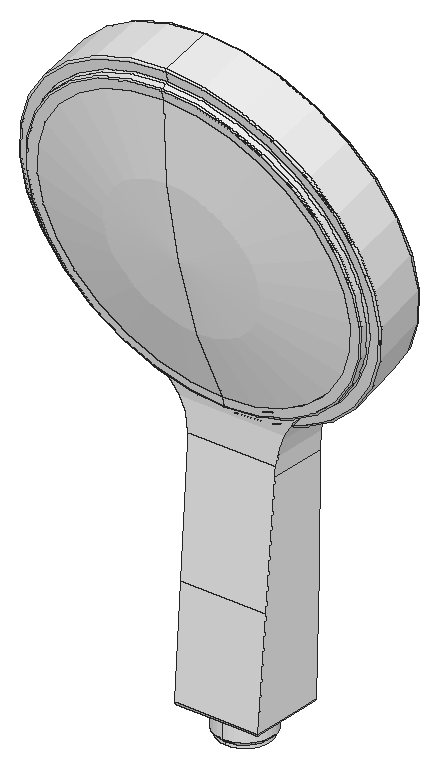
Revit family "Hand_Shower-Grohe-Power&Soul_Cosmopolitan_130-27664_Series", category Plumbing Fixtures, Revit 2014
Parameters (values of type "27664000")
  cUPC Compliant = yes
  Waste Connection = no
  Warranty Documentation Link = "https://cdn.cloud.grohe.com/tpi/1000/1900/1940/1949/1949006/original/1949006.pdf"
  WFU = 4  # constant formula
  Vent Connection = no
  URL = "https://www.grohe.us/"
  Tempered Connection Radius = Tempered Connection Diameter / 2  # 1/4"
  Tempered Connection Diameter = Hot Water Connection Diameter  # 1/2"
  Product Page URL = "https://www.grohe.us/en_us/power-soul-cosmopolitan-hand-shower-27664000.html"
  Price = "Prices may vary. Please consult Manufacturer Representative for most up-to-date price list."  # constant formula
  Model = "27664000"
  Material = "Metal-Grohe-000-Chrome"
  Manufacturer = "Grohe"
  Hot Water Connection Radius = Hot Water Connection Diameter / 2  # 1/4"
  Hot Water Connection Diameter = Cold Water Connection Diameter  # 1/2"
  Height = 6 15/16"  # constant formula
  HWFU = 3  # constant formula
  HW Connection = yes
  Flow Rate = "2.0 gpm (7.6 L/min)"
  Finish = Metal-Grohe-000-Chrome
  Description = "Power&Soul® Cosmopolitan 130"  # constant formula
  Default Elevation = 0"
  Creation Date = "03/03/2017"  # constant formula
  Cold Water Connection Radius = Cold Water Connection Diameter / 2  # 1/4"
  Cold Water Connection Diameter = 1/2"  # constant formula
  CalGreen Compliant = yes
  CWFU = 3  # constant formula
  CW Connection = yes
  Assembly Code = "D2010710"
Types (3): name | Product Page URL | Model | Material | Finish | Assembly Code
  (no name) | "https://www.grohe.us/en_us/power-soul-cosmopolitan-hand-shower-27664000.html" | "27664000" | "Metal-Grohe-000-Chrome" | Metal-Grohe-000-Chrome | "D2010710"
  27664000 | "https://www.grohe.us/en_us/power-soul-cosmopolitan-hand-shower-27664000.html" | "27664000" | "Metal-Grohe-000-Chrome" | Metal-Grohe-000-Chrome | "D2010710"
  27664EN0 | "https://www.grohe.us/en_us/power-soul-cosmopolitan-130-hand-shower-27664EN0.html" | "27664EN0" | "Metal-Grohe-EN0-Brushed Nickel" | Metal-Grohe-EN0-Brushed Nickel | "D2020300"
Reference planes (in)
  plane 1 "Center (Front/Back)": y = 0
  plane 2: z = 0
  plane 3 "Center (Left/Right)": x = 0
  plane 4: x = -0.07874
  plane 5: x = 0.07874
  plane 6: z = 6.92913
  plane 7: y = -1.25984
  plane 8: z = 0.39377
  plane 9: z = 6.40921
  plane 10: z = 4.84255
Forms (in)
  Revolve 1, solid, material "Metal-Grohe-000-Chrome" <- "Finish"
    sketch origin (0, 0, 0) x (0, 0.970296, 0.241922) y (0, -0.241922, 0.970296)
      loop
        arc (0.88493, 9.58765) -> (0.8658, 9.58034) -> (0.85769, 9.56154) r 0.02632
        line (0.85769, 9.56154) -> (0.85662, 9.41582)
        arc (0.85662, 9.41582) -> (0.85049, 9.40088) -> (0.83573, 9.39434) r 0.02165
        line (0.83573, 9.39434) -> (0.75332, 9.39146)
        arc (0.75332, 9.39146) -> (0.73919, 9.38517) -> (0.73339, 9.37083) r 0.02065
        line (0.73339, 9.37083) -> (0.73339, 9.22798)
        arc (0.73339, 9.22798) -> (0.52097, 8.08752) -> (0.4586, 6.92913) r 8.90515
        line (0.4586, 6.92913) -> (1.83249, 6.92913)
        arc (1.83249, 6.92913) -> (1.78652, 8.23685) -> (1.64434, 9.53763) r 17.751
        arc (1.64434, 9.53763) -> (1.6351, 9.5548) -> (1.61701, 9.56208) r 0.02863
        line (1.61701, 9.56208) -> (0.88493, 9.58765)
      axis (1.83249, 6.92913) -> (0.4586, 6.92913)
    angle from 0 to 360
  Extrusion 2, solid, material "Metal-Grohe-000-Chrome" <- "Finish"
    sketch origin (0, 0, 0) x (1, 0, 0) y (0, 0, 1)
      loop
        line (-0.64527, 3.7607) -> (-0.61971, 0.42917)
        arc (-0.61971, 0.42917) -> (-0.60917, 0.40413) -> (-0.58404, 0.39377) r 0.03567
        line (-0.58404, 0.39377) -> (0.58404, 0.39377)
        arc (0.58404, 0.39377) -> (0.60917, 0.40413) -> (0.61971, 0.42917) r 0.03567
        line (0.61971, 0.42917) -> (0.64527, 3.7607)
        arc (0.64527, 3.7607) -> (0.88797, 4.51248) -> (1.51717, 4.99016) r 1.31706
        line (1.51717, 4.99016) -> (1.51717, 5.16409) -> (-1.51717, 5.16409) -> (-1.51717, 4.99016)
        arc (-1.51717, 4.99016) -> (-0.88797, 4.51248) -> (-0.64527, 3.7607) r 1.31706
    from -0.82057 to 0.689
  Extrusion 3, void
    sketch origin (0, 0, 0) x (0, 1, 0) y (0, 0, 1)
      loop
        arc (0.54276, 4.57104) -> (0.59385, 3.36285) -> (0.57808, 2.15368) r 21.86519
        arc (0.57808, 2.15368) -> (0.54977, 1.26628) -> (0.53711, 0.37853) r 50.35012
        arc (0.53711, 0.37853) -> (0.52314, 0.34613) -> (0.49011, 0.33369) r 0.04512
        line (0.49011, 0.33369) -> (0.49011, 0.2934) -> (0.91516, 0.2934) -> (0.91516, 5.23984) -> (0.0817, 5.23984)
        arc (0.0817, 5.23984) -> (0.32061, 4.95559) -> (0.52134, 4.64321) r 2.90725
        arc (0.52134, 4.64321) -> (0.53601, 4.6083) -> (0.54276, 4.57104) r 0.17353
      loop
        arc (-0.31741, 4.77737) -> (-0.32837, 4.82588) -> (-0.33476, 4.8752) r 0.53221
        arc (-0.33476, 4.8752) -> (-0.35792, 5.05887) -> (-0.39686, 5.23984) r 2.13913
        line (-0.39686, 5.23984) -> (-0.96238, 5.23984) -> (-0.96238, 0.33638) -> (-0.48952, 0.33638) -> (-0.48952, 0.38453)
        arc (-0.48952, 0.38453) -> (-0.52403, 0.40021) -> (-0.53602, 0.43618) r 0.04742
        arc (-0.53602, 0.43618) -> (-0.46927, 1.21402) -> (-0.40861, 1.99235) r 99.87804
        arc (-0.40861, 1.99235) -> (-0.33193, 2.94199) -> (-0.24254, 3.89051) r 71.1611
        arc (-0.24254, 3.89051) -> (-0.23887, 4.33741) -> (-0.31741, 4.77737) r 2.42084
    from -1.81167 to 1.93989
  Revolve 4, solid, material "Metal-Grohe-000-Chrome" <- "Finish"
    sketch origin (0, 0, 0) x (0, 1, 0) y (0, 0, 1)
      loop
        line (0.3622, 0) -> (0.3622, 0.04724) -> (0.4125, 0.09754) -> (0.4125, 0.32677) -> (0.35827, 0.32677) -> (0.35827, 0.59488) -> (0, 0.59488) -> (0, 0) -> (0.3622, 0)
      axis (0, 0.59488) -> (0, 0)
    angle from 0 to 360
  Extrusion 5, solid, material "Metal-Grohe-000-Chrome" <- "Finish"
    sketch origin (0, 0.71788, -0.03802) x (1, 0, 0) y (0, -0.146887, 0.989153)
      loop
        circle (0, 5.62542) r 0.78379
    from -0.61641 to 0
  Extrusion 6, void
    sketch origin (0, 0.71788, -0.03802) x (1, 0, 0) y (0, -0.146887, 0.989153)
      loop
        line (0.88161, 5.64105) -> (0.01563, 5.64105) -> (0.01563, 6.5618) -> (-0.01562, 6.5618) -> (-0.01562, 5.64105) -> (-0.96621, 5.64105) -> (-0.96621, 5.6098) -> (-0.01562, 5.6098) -> (-0.01562, 4.67018) -> (0.01563, 4.67018) -> (0.01563, 5.6098) -> (0.88161, 5.6098) -> (0.88161, 5.64105)
    from -0.61641 to -0.57465
Cuts and joins
  Extrusion 3, Extrusion 6 cuts Extrusion 2
  Extrusion 6 cuts Revolve 4
  joined: Extrusion 2, Revolve 4
  Extrusion 6 cuts Extrusion 5
  joined: Revolve 1, Extrusion 5
Lines and regions (in)
  Masking region 1
    outline origin (0, 0, 0) x (1, 0, 0) y (0, 1, 0)
      loop
        arc (-0.63937, 0.59759) -> (-0.64872, 0.58187) -> (-0.66582, 0.5754) r 0.02771
        arc (-0.66582, 0.5754) -> (-0.79854, 0.5561) -> (-0.932, 0.54276) r 2.99883
        arc (-0.932, 0.54276) -> (-0.96693, 0.5352) -> (-0.99856, 0.51853) r 0.13194
        line (-0.99856, 0.51853) -> (-1.03422, 0.49794)
        arc (-1.03422, 0.49794) -> (-1.30465, 0.46477) -> (-1.57375, 0.42212) r 7.74869
        arc (-1.57375, 0.42212) -> (-1.85563, 0.36217) -> (-2.13266, 0.28277) r 4.14402
        arc (-2.13266, 0.28277) -> (-2.3221, 0.20625) -> (-2.49903, 0.10408) r 1.46177
        arc (-2.49903, 0.10408) -> (-2.57224, 0.03697) -> (-2.62265, -0.04859) r 0.33624
        arc (-2.62265, -0.04859) -> (-2.63191, -0.08196) -> (-2.63342, -0.11656) r 0.15278
        line (-2.63342, -0.11656) -> (-2.65837, -0.83111)
        arc (-2.65837, -0.83111) -> (-2.64542, -0.88353) -> (-2.62165, -0.93201) r 0.25313
        arc (-2.62165, -0.93201) -> (-2.57499, -0.99041) -> (-2.5166, -1.03706) r 0.33645
        arc (-2.5166, -1.03706) -> (-2.42948, -1.09294) -> (-2.33753, -1.14045) r 1.10789
        arc (-2.33753, -1.14045) -> (-2.19646, -1.22655) -> (-2.04389, -1.29007) r 1.07746
        arc (-2.04389, -1.29007) -> (-1.81251, -1.35905) -> (-1.57764, -1.415) r 4.3195
        arc (-1.57764, -1.415) -> (-1.21376, -1.47849) -> (-0.84646, -1.51776) r 5.57492
        arc (-0.84646, -1.51776) -> (-0.51672, -1.53851) -> (-0.18662, -1.55234) r 15.73625
        arc (-0.18662, -1.55234) -> (0, -1.55717) -> (0.18662, -1.55234) r 3.60165
        arc (0.18662, -1.55234) -> (0.51672, -1.53851) -> (0.84646, -1.51776) r 15.73625
        arc (0.84646, -1.51776) -> (1.21376, -1.47849) -> (1.57764, -1.415) r 5.57492
        arc (1.57764, -1.415) -> (1.81251, -1.35905) -> (2.04389, -1.29007) r 4.3195
        arc (2.04389, -1.29007) -> (2.19646, -1.22655) -> (2.33753, -1.14045) r 1.07746
        arc (2.33753, -1.14045) -> (2.42948, -1.09294) -> (2.5166, -1.03706) r 1.10789
        arc (2.5166, -1.03706) -> (2.57499, -0.99041) -> (2.62165, -0.93201) r 0.33645
        arc (2.62165, -0.93201) -> (2.64542, -0.88353) -> (2.65837, -0.83111) r 0.25313
        line (2.65837, -0.83111) -> (2.63342, -0.11656)
        arc (2.63342, -0.11656) -> (2.63191, -0.08196) -> (2.62265, -0.04859) r 0.15278
        arc (2.62265, -0.04859) -> (2.57224, 0.03697) -> (2.49903, 0.10408) r 0.33624
        arc (2.49903, 0.10408) -> (2.3221, 0.20625) -> (2.13266, 0.28277) r 1.46177
        arc (2.13266, 0.28277) -> (1.85563, 0.36217) -> (1.57375, 0.42212) r 4.14402
        arc (1.57375, 0.42212) -> (1.30465, 0.46477) -> (1.03422, 0.49794) r 7.74869
        line (1.03422, 0.49794) -> (0.99856, 0.51853)
        arc (0.99856, 0.51853) -> (0.96693, 0.5352) -> (0.932, 0.54276) r 0.13194
        arc (0.932, 0.54276) -> (0.79854, 0.5561) -> (0.66582, 0.5754) r 2.99883
        arc (0.66582, 0.5754) -> (0.64872, 0.58187) -> (0.63937, 0.59759) r 0.02771
        line (0.63937, 0.59759) -> (0.44761, 0.59759)
        arc (0.44761, 0.59759) -> (0.23195, 0.61462) -> (0.01563, 0.61641) r 3.06656
        line (0.01563, 0.61641) -> (0.01563, 0.58218) -> (-0.01562, 0.58218) -> (-0.01562, 0.61641)
        arc (-0.01562, 0.61641) -> (-0.23195, 0.61462) -> (-0.44761, 0.59759) r 3.06656
        line (-0.44761, 0.59759) -> (-0.63937, 0.59759)
  symbolic lines, detail levels medium+fine
    curve 1: arc (-1.03422, 0.49794, 0) -> (-0.9028, 0.51258, 0) -> (-0.77083, 0.52099, 0) r 2.79768
    curve 2: arc (-0.77083, 0.52099, 0) -> (-0.73988, 0.53908, 0) -> (-0.70613, 0.55116, 0) r 0.19359
    curve 3: arc (-0.70613, 0.55116, 0) -> (-0.6397, 0.56868, 0) -> (-0.57188, 0.57969, 0) r 0.70886
    curve 4: arc (-0.57188, 0.57969, 0) -> (-0.50812, 0.59168, 0) -> (-0.44356, 0.59805, 0) r 0.74296
    curve 5: arc (1.03422, 0.49794, 0) -> (0.9028, 0.51258, 0) -> (0.77083, 0.52099, 0) r 2.79768
    curve 6: arc (0.77083, 0.52099, 0) -> (0.73988, 0.53908, 0) -> (0.70613, 0.55116, 0) r 0.19359
    curve 7: arc (0.70613, 0.55116, 0) -> (0.6397, 0.56868, 0) -> (0.57188, 0.57969, 0) r 0.70886
    curve 8: arc (0.57188, 0.57969, 0) -> (0.50812, 0.59168, 0) -> (0.44356, 0.59805, 0) r 0.74296
    curve 9: arc (-0.77083, 0.52099, 0) -> (-0.78149, 0.50771, 0) -> (-0.78363, 0.49083, 0) r 0.03133
    curve 10: line (-0.78363, 0.49083, 0) -> (-0.78363, 0.40214, 0)
    curve 11: arc (-0.78363, 0.40214, 0) -> (-0.76638, 0.37667, 0) -> (-0.73875, 0.36313, 0) r 0.05989
    curve 12: arc (-0.73875, 0.36313, 0) -> (-0.6467, 0.33338, 0) -> (-0.55146, 0.31643, 0) r 0.70929
    curve 13: arc (-0.55146, 0.31643, 0) -> (-0.3763, 0.29929, 0) -> (-0.20082, 0.28575, 0) r 8.549
    curve 14: arc (0.78363, 0.40214, 0) -> (0.76638, 0.37667, 0) -> (0.73875, 0.36313, 0) r 0.05989
    curve 15: arc (0.73875, 0.36313, 0) -> (0.6467, 0.33338, 0) -> (0.55146, 0.31643, 0) r 0.70929
    curve 16: arc (0.55146, 0.31643, 0) -> (0.3763, 0.29929, 0) -> (0.20082, 0.28575, 0) r 8.549
    curve 17: arc (-0.20082, 0.28575, 0) -> (0, 0.2818, 0) -> (0.20082, 0.28575, 0) r 5.09549
    curve 31: arc (0.77083, 0.52099, 0) -> (0.78149, 0.50771, 0) -> (0.78363, 0.49083, 0) r 0.03133
    curve 32: line (0.78363, 0.49083, 0) -> (0.78363, 0.40214, 0)
  symbolic lines, detail levels fine
    curve 18: arc (-0.78363, 0.49901, 0) -> (-0.73326, 0.45947, 0) -> (-0.67167, 0.44196, 0) r 0.16592
    curve 19: arc (-0.67167, 0.44196, 0) -> (-0.4792, 0.40965, 0) -> (-0.28464, 0.39443, 0) r 2.21106
    curve 20: arc (0.78363, 0.49901, 0) -> (0.73326, 0.45947, 0) -> (0.67167, 0.44196, 0) r 0.16592
    curve 21: arc (0.67167, 0.44196, 0) -> (0.4792, 0.40965, 0) -> (0.28464, 0.39443, 0) r 2.21106
    curve 22: arc (-0.28464, 0.39443, 0) -> (-0.15015, 0.39095, 0) -> (-0.01562, 0.38963, 0) r 8.40314
    curve 23: line (-0.01562, 0.58218, 0) -> (-0.01562, 0.34489, 0)
    curve 24: line (-0.01562, 0.34489, 0) -> (0.01563, 0.34489, 0)
    curve 25: line (0.01563, 0.34489, 0) -> (0.01563, 0.58218, 0)
    curve 26: line (-0.78363, 0.49901, 0) -> (-0.01562, 0.49901, 0)
    curve 27: line (-0.78291, 0.5036, 0) -> (-0.01562, 0.5036, 0)
    curve 28: arc (0.01563, 0.38963, 0) -> (0.15015, 0.39095, 0) -> (0.28464, 0.39443, 0) r 8.40314
    curve 29: line (0.78363, 0.49901, 0) -> (0.01563, 0.49901, 0)
    curve 30: line (0.78291, 0.5036, 0) -> (0.01563, 0.5036, 0)
    curve 33: arc (-2.33753, -1.14045, 0) -> (-1.8316, -1.30345, 0) -> (-1.30836, -1.39705, 0) r 3.95014
    curve 34: arc (-1.30836, -1.39705, 0) -> (-0.89794, -1.43759, 0) -> (-0.48671, -1.46893, 0) r 18.39902
    curve 35: arc (2.33753, -1.14045, 0) -> (1.8316, -1.30345, 0) -> (1.30836, -1.39705, 0) r 3.95014
    curve 36: arc (1.30836, -1.39705, 0) -> (0.89794, -1.43759, 0) -> (0.48671, -1.46893, 0) r 18.39902
    curve 37: arc (-0.48671, -1.46893, 0) -> (0, -1.48093, 0) -> (0.48671, -1.46893, 0) r 9.88
Dimensions and locks (in)
  plane 6 to level = 6.92913"
  plane 1 "Center (Front/Back)" to plane 7 = 1.25984"
Connectors (in)
  piping at (0, 0, 0), diameter 0.5, driven by "Tempered Connection Diameter"
    settings: on cut or joined group of Extrusion 2, Extrusion 3, Revolve 4, Extrusion 6, index 1, connector inside diameter 24", connector length 0", flow factor 0, pipe flow 0 GPM, pressure drop 0.00 psi, fitting loss kfactor 0, connector angle 0.00°, fixture units 0, engagement length 0", angle of deflection 0.00°, flow configuration 0, flow direction 1, fitting loss method 0, system type 29, joint type 0, gender type 0, connector reference index -1, connector utility 0, adjustable connector no, is connector primary yes, connector description "1/2\" NPT Supply Inlet"
